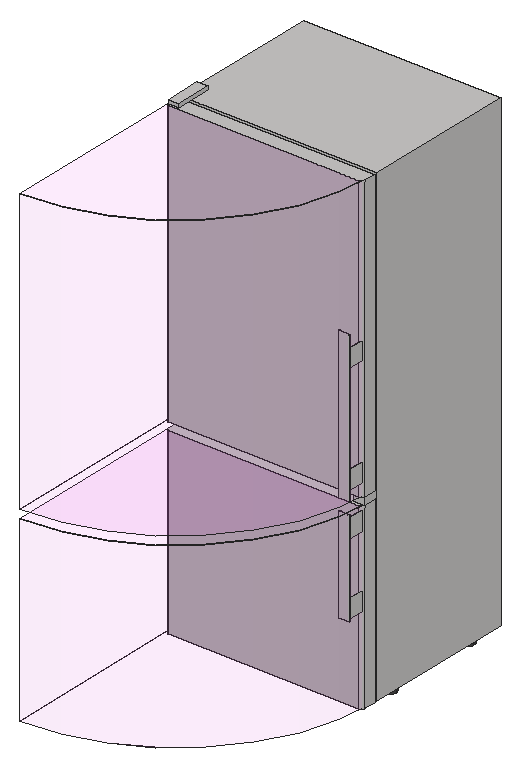
Revit family "QF_Summit_FFBF284SSIM_Freezer_Refrigerator", category Specialty Equipment, Revit 2020
Family settings
  Round Connector Dimension = Use Diameter
  Part Type = Normal
  Work Plane-Based = No
  Always vertical = Yes
  Cut with Voids When Loaded = No
  Shared = No
  Room Calculation Point = No
Parameters
  Weight in Pounds = 200
  Watts = Volts * FL Amps  # 230 W
  Volts = 115 V
  URL Cutsheet = ""
  Specification by User = ""
  Specification by Manufacturer = ""
  Show RHD [instance] = not(Show LHD)  # yes
  Show LHD [instance] = no
  Show Clearance [instance] = yes
  Serial Number = ""
  Seismic Rating = ""
  SMACNA No = ""
  Revision Code = ""
  Refrigerant Volume = 0.00 kip
  Refrigerant Type = "R600a"
  Phase = 1
  Number of Poles = 1
  NAFEM Spec ID Number = ""
  Model = "FFBF284SSIM"
  Min Ckt Ampacity = 0 A
  Max Overcurrent Protection = 0 A
  Masterspec = ""
  Manufacturer = "Summit"
  Length = 27.63"
  Item Number = ""
  Installed By = ""
  Identify Quantity as Lot = yes
  Height = 67 3/4"
  HP = ""
  Furnished By = ""
  Foodservice Equipment Identifier = yes
  FL Amps = 2 A
  Electrical Remarks = ""
  Electric Connection Type = ""
  Elec Conn RI Height = 0"
  Elec Conn Connection Height = 0"
  Description = "Freezer Refrigerator"
  Depth = 26 1/4"
  Default Elevation = 0"
  Cycle = 60 Hz
  Conn Plug = ""
  Conn Conduit = yes
  CSI MasterFormat = ""
  BTUH = 0.0 Btu/h
  Apparent Power = 0 VA
Reference planes (in)
  plane 1 "BACK": y = 0
  plane 2: z = 0
  plane 3 "LEFT": x = 0
  plane 4 "RIGHT": x = 27.63
  plane 5 "FRONT": y = -26.25
  plane 6 "TOP": z = 67.75
  plane 7 "Center Y": x = 13.815
  plane 8 "Center X": y = -13.125
Dimensions and locks (in)
  equal spacing: plane 3 "LEFT", plane 7 "Center Y", plane 4 "RIGHT"
  "Length": plane 3 "LEFT" to plane 4 "RIGHT"
  equal spacing: plane 5 "FRONT", plane 8 "Center X", plane 1 "BACK"
  "Depth": plane 5 "FRONT" to plane 1 "BACK"
  "Height": plane 6 "TOP" to level
  aligned and locked: level to plane 2
Nested families (in)
  nested 1: "FFBF284SSIM" at (0, 0, 0), Show Clearance <- "Show Clearance", Show RHD <- "Show RHD", Show LHD <- "Show LHD", type "FFBF284SSIM"
    with Show RHD yes, Show LHD no, Show Clearance yes
Connectors (in)
  electrical at (19.75651, -1.66287, 2.32866), driven by "Volts", driven by "Watts"
    settings: on nested 1, index 1, voltage 115 V, apparent load 230 VA, apparent load phase1 0 VA, apparent load phase2 0 VA, apparent load phase3 0 VA, power factor 1, load classification "Other", number of poles 1, system type 30, power factor state 1, is connector primary yes, connector utility no, sub classification motor no, connector description "ELECTRICAL CONNECTION"
Definition of nested family "FFBF284SSIM"
  Parameters (values of type "FFBF284SSIM")
    Weight in Pounds = 0
    URL Cutsheet = ""
    Specification by User = ""
    Specification by Manufacturer = ""
    Show RHD [instance] = yes
    Show LHD [instance] = yes
    Show Clearance [instance] = yes
    Serial Number = ""
    Seismic Rating = ""
    SMACNA No = ""
    Revision Code = ""
    NAFEM Spec ID Number = ""
    Masterspec = ""
    Length = 27.63"
    Item Number = ""
    Installed By = ""
    Identify Quantity as Lot = yes
    Height = 67 3/4"
    Furnished By = ""
    Foodservice Equipment Identifier = yes
    Depth = 26 1/4"
    Default Elevation = 0"
    CSI MasterFormat = ""
  Reference planes (in)
    plane 1 "BACK": y = 0
    plane 2: z = 0
    plane 3 "LEFT": x = 0
    plane 4 "RIGHT": x = 27.63
    plane 5 "FRONT": y = -26.25
    plane 6 "TOP": z = 67.75
    plane 7 "Center Y": x = 13.815
    plane 8 "Center X": y = -13.125
    plane 9: z = 0.875
    plane 10: z = 27.5
    plane 11: z = 67.25
    plane 12: z = 26.375
    plane 13: y = -51.375
  Forms (in)
    Extrusion 1, solid
      sketch origin (-4.79284, -180, 0.875) x (-1, 0, 0) y (0, -1, 0)
        loop
          line (-4.79284, -178.30588) -> (-4.79284, -156.68088) -> (-32.42284, -156.68088) -> (-32.42284, -178.30588) -> (-4.79284, -178.30588)
      from 0 to 66.375
    Extrusion 2, solid
      sketch origin (-240, 25.61196, 29.00218) x (0, 1, 0) y (-1, 0, 0)
        loop
          line (-27.30608, -240) -> (-27.30608, -267.63) -> (-26.30608, -265.89795) -> (-26.30608, -241.73205) -> (-27.30608, -240)
      from 0 to 10
    Extrusion 3, solid
      sketch origin (23.09386, -180.04277, 67.80928) x (0, -1, 0) y (-1, 0, 0)
        loop
          line (-156.29277, 23.09386) -> (-156.29277, -4.53614) -> (-154.65436, -4.53614)
          arc (-154.65436, -4.53614) -> (-154.31054, -4.39917) -> (-154.1551, -4.06328) r 0.5
          arc (-154.1551, -4.06328) -> (-153.79277, 9.27886) -> (-154.1551, 22.62099) r 245.83174
          arc (-154.1551, 22.62099) -> (-154.31054, 22.95688) -> (-154.65436, 23.09386) r 0.5
          line (-154.65436, 23.09386) -> (-156.29277, 23.09386)
      from 0.55928 to 40.30928
    Extrusion 4, solid
      sketch origin (-4.79284, -180.04277, 26.375) x (-1, 0, 0) y (0, -1, 0)
        loop
          line (-4.79284, -156.29277) -> (-4.79284, -154.65109)
          arc (-4.79284, -154.65109) -> (-4.92991, -154.30718) -> (-5.26595, -154.15181) r 0.5
          arc (-5.26595, -154.15181) -> (-18.60784, -153.79277) -> (-31.94973, -154.15181) r 248.06708
          arc (-31.94973, -154.15181) -> (-32.28578, -154.30718) -> (-32.42284, -154.65109) r 0.5
          line (-32.42284, -154.65109) -> (-32.42284, -156.29277) -> (-4.79284, -156.29277)
      from 0 to -25.5
    Extrusion 5, solid, visible <- "Show LHD"
      sketch origin (23.09386, -180, 67.25) x (0, -1, 0) y (1, 0, 0)
        loop
          line (-159.51147, 2.98534) -> (-154.56912, 2.98534) -> (-154.56912, 4.48534) -> (-159.51147, 4.48534) -> (-159.51147, 2.98534)
      from 0 to 0.5
    Extrusion 6, solid
      sketch origin (23.09386, -180.04277, 27.5) x (1, 0, 0) y (0, -1, 0)
        loop
          line (2.98534, -159.62336) -> (4.48534, -159.62336) -> (4.48534, -154.61189) -> (2.98534, -154.61189) -> (2.98534, -159.62336)
      from 0 to 1.125
    Extrusion 7, solid
      sketch origin (-4.79284, -180.04277, 0.875) x (0, -1, 0) y (-1, 0, 0)
        loop
          line (-156.72365, -4.9982) -> (-156.72365, -32.24611) -> (-156.29277, -32.24611) -> (-156.29277, -4.9982) -> (-156.72365, -4.9982)
      from -27.33816 to -65.977
    Extrusion 8, solid
      sketch origin (23.09386, -180.04277, 27.5) x (1, 0, 0) y (0, -1, 0)
        loop
          line (-22.8885, -156.72365) -> (4.35941, -156.72365) -> (4.35941, -156.29277) -> (-22.8885, -156.29277) -> (-22.8885, -156.72365)
      from 26.01558 to 1.65424
    Extrusion 9, solid
      sketch origin (0, 0, 0) x (1, 0, 0) y (0, 1, 0)
        loop
          line (17.60219, 0) -> (17.60219, -0.69412) -> (22.1767, -0.69412) -> (22.1767, 0) -> (17.60219, 0)
      from 31.17781 to 36.47229
    Extrusion 10, solid
      sketch origin (0, -1.69412, 0.875) x (1, 0, 0) y (0, 0, -1)
        loop
          circle (19.75651, -1.45366) r 0.25
      from 0 to 0.03125
    Extrusion 11, solid, visible <- "Show LHD"
      sketch origin (-4.79284, -180.04277, 0.875) x (0, -1, 0) y (-1, 0, 0)
        loop
          line (-156.29277, -32.42284) -> (-128.66277, -32.42284)
          arc (-128.66277, -32.42284) -> (-136.75541, -12.88548) -> (-156.29277, -4.79284) r 27.63
          line (-156.29277, -4.79284) -> (-156.29277, -32.42284)
      from 0 to -25.5
    Extrusion 12, solid, visible <- "Show LHD"
      sketch origin (23.09386, -180.04277, 27.5) x (1, 0, 0) y (0, -1, 0)
        loop
          line (4.53614, -156.29277) -> (4.53614, -128.66277)
          arc (4.53614, -128.66277) -> (-15.00122, -136.75541) -> (-23.09386, -156.29277) r 27.63
          line (-23.09386, -156.29277) -> (4.53614, -156.29277)
      from 0 to -39.75
    Revolve 13, solid
      sketch origin (-240, -19.31912, 7.54756) x (0, 0, 1) y (-1, 0, 0)
        loop
          line (-6.67256, -241.3125) -> (-7.54756, -241.3125) -> (-7.54756, -242.1328) -> (-6.8733, -242.1328) -> (-6.8733, -241.74917) -> (-6.67256, -241.74917) -> (-6.67256, -241.3125)
        axis (-6.67256, -241.3125) -> (-7.54756, -241.3125)
      angle from 0 to 360
    Revolve 14, solid
      sketch origin (-240, -19.31912, 7.54756) x (0, 0, 1) y (-1, 0, 0)
        loop
          line (-6.67256, -266.3175) -> (-6.67256, -265.88083) -> (-6.8733, -265.88083) -> (-6.8733, -265.4972) -> (-7.54756, -265.4972) -> (-7.54756, -266.3175) -> (-6.67256, -266.3175)
        axis (-6.67256, -266.3175) -> (-7.54756, -266.3175)
      angle from 0 to 360
    Revolve 15, solid
      sketch origin (-240, -5.69412, 7.54756) x (0, 0, 1) y (-1, 0, 0)
        loop
          line (-6.67256, -241.3125) -> (-7.54756, -241.3125) -> (-7.54756, -242.1328) -> (-6.8733, -242.1328) -> (-6.8733, -241.74917) -> (-6.67256, -241.74917) -> (-6.67256, -241.3125)
        axis (-6.67256, -241.3125) -> (-7.54756, -241.3125)
      angle from 0 to 360
    Revolve 16, solid
      sketch origin (-240, -5.69412, 7.54756) x (0, 0, 1) y (-1, 0, 0)
        loop
          line (-6.67256, -266.3175) -> (-6.67256, -265.88083) -> (-6.8733, -265.88083) -> (-6.8733, -265.4972) -> (-7.54756, -265.4972) -> (-7.54756, -266.3175) -> (-6.67256, -266.3175)
        axis (-6.67256, -266.3175) -> (-7.54756, -266.3175)
      angle from 0 to 360
    Extrusion 17, void
      sketch origin (0, 0, 0) x (1, 0, 0) y (0, 1, 0)
        loop
          line (0, -24.3004) -> (0, -25.0504) -> (1.30679, -25.0504)
          arc (1.30679, -25.0504) -> (1.68179, -24.6754) -> (1.30679, -24.3004) r 0.375
          line (1.30679, -24.3004) -> (0, -24.3004)
      from 13.11935 to 25.04617
    Extrusion 18, solid, visible <- "Show LHD"
      sketch origin (-0.375, 0, 0) x (1, 0, 0) y (0, 1, 0)
        loop
          line (0.52265, -25.34709) -> (0.52265, -27.84709) -> (2.11142, -27.84709) -> (2.11142, -27.77325) -> (0.58157, -27.77325) -> (0.58157, -25.34709) -> (0.52265, -25.34709)
      from 23.19985 to 25.84576
    Extrusion 19, solid, visible <- "Show LHD"
      sketch origin (-0.375, 0, 0) x (1, 0, 0) y (0, 1, 0)
        loop
          line (0.52265, -25.34709) -> (0.52265, -27.84709) -> (2.11142, -27.84709) -> (2.11142, -27.77325) -> (0.58157, -27.77325) -> (0.58157, -25.34709) -> (0.52265, -25.34709)
      from 13.11935 to 15.71519
    Extrusion 20, solid, visible <- "Show LHD"
      sketch origin (-0.81166, -180, 20.92531) x (-1, 0, 0) y (0, -1, 0)
        loop
          line (-0.95931, -154.65291) -> (-0.95931, -152.15291) -> (-2.54809, -152.15291) -> (-2.54809, -152.22675) -> (-1.01824, -152.22675) -> (-1.01824, -154.65291) -> (-0.95931, -154.65291)
      from 23.81571 to 26.23213
    Extrusion 21, solid, visible <- "Show LHD"
      sketch origin (-0.81166, -180, 16.17531) x (-1, 0, 0) y (0, -1, 0)
        loop
          line (-0.95931, -154.65291) -> (-0.95931, -152.15291) -> (-2.54809, -152.15291) -> (-2.54809, -152.22675) -> (-1.01824, -152.22675) -> (-1.01824, -154.65291) -> (-0.95931, -154.65291)
      from 13.11935 to 15.71519
    Extrusion 22, solid, visible <- "Show LHD"
      sketch origin (-0.375, 0, 25.84576) x (1, 0, 0) y (0, 1, 0)
        loop
          line (0.52265, -27.84709) -> (0.52265, -27.90959) -> (2.11142, -27.90959) -> (2.11142, -27.84709) -> (0.52265, -27.84709)
      from 0.34671 to -13.11278
    Extrusion 23, solid, visible <- "Show LHD"
      sketch origin (-0.81166, -180, 31.8905) x (-1, 0, 0) y (0, -1, 0)
        loop
          line (-0.95931, -152.15291) -> (-0.95931, -152.09041) -> (-2.54809, -152.09041) -> (-2.54809, -152.15291) -> (-0.95931, -152.15291)
      from -4.0552 to 16.98943
    Extrusion 24, void
      sketch origin (23.09386, -180.04277, 27.5) x (1, 0, 0) y (0, -1, 0)
        loop
          line (-23.09386, -155.74237) -> (-21.78706, -155.74237)
          arc (-21.78706, -155.74237) -> (-21.41206, -155.36737) -> (-21.78706, -154.99237) r 0.375
          line (-21.78706, -154.99237) -> (-23.09386, -154.99237) -> (-23.09386, -155.74237)
      from -1.36785 to -19.65744
    Extrusion 25, solid, visible <- "Show RHD"
      sketch origin (4.53614, -180, 67.25) x (0, -1, 0) y (1, 0, 0)
        loop
          line (-159.51147, -2.98534) -> (-159.51147, -4.48534) -> (-154.56912, -4.48534) -> (-154.56912, -2.98534) -> (-159.51147, -2.98534)
      from 0 to 0.5
    Extrusion 26, solid, visible <- "Show RHD"
      sketch origin (32.42284, -180.04277, 0.875) x (0, 1, 0) y (1, 0, 0)
        loop
          line (156.29277, -32.42284) -> (156.29277, -4.79284)
          arc (156.29277, -4.79284) -> (136.75541, -12.88548) -> (128.66277, -32.42284) r 27.63
          line (128.66277, -32.42284) -> (156.29277, -32.42284)
      from 0 to -25.5
    Extrusion 27, solid, visible <- "Show RHD"
      sketch origin (4.53614, -180.04277, 27.5) x (1, 0, 0) y (0, -1, 0)
        loop
          line (-4.53614, -156.29277) -> (23.09386, -156.29277)
          arc (23.09386, -156.29277) -> (15.00122, -136.75541) -> (-4.53614, -128.66277) r 27.63
          line (-4.53614, -128.66277) -> (-4.53614, -156.29277)
      from 0 to -39.75
    Extrusion 28, solid, visible <- "Show RHD"
      sketch origin (28.005, 0, 0) x (-1, 0, 0) y (0, -1, 0)
        loop
          line (0.52265, 25.34709) -> (0.58157, 25.34709) -> (0.58157, 27.77325) -> (2.11142, 27.77325) -> (2.11142, 27.84709) -> (0.52265, 27.84709) -> (0.52265, 25.34709)
      from 23.19985 to 25.84576
    Extrusion 29, solid, visible <- "Show RHD"
      sketch origin (28.005, 0, 0) x (-1, 0, 0) y (0, -1, 0)
        loop
          line (0.52265, 25.34709) -> (0.58157, 25.34709) -> (0.58157, 27.77325) -> (2.11142, 27.77325) -> (2.11142, 27.84709) -> (0.52265, 27.84709) -> (0.52265, 25.34709)
      from 13.11935 to 15.71519
    Extrusion 30, solid, visible <- "Show RHD"
      sketch origin (28.44166, -180, 20.92531) x (1, 0, 0) y (0, 1, 0)
        loop
          line (-0.95931, 154.65291) -> (-1.01824, 154.65291) -> (-1.01824, 152.22675) -> (-2.54809, 152.22675) -> (-2.54809, 152.15291) -> (-0.95931, 152.15291) -> (-0.95931, 154.65291)
      from 23.81571 to 26.23213
    Extrusion 31, solid, visible <- "Show RHD"
      sketch origin (28.44166, -180, 16.17531) x (1, 0, 0) y (0, 1, 0)
        loop
          line (-0.95931, 154.65291) -> (-1.01824, 154.65291) -> (-1.01824, 152.22675) -> (-2.54809, 152.22675) -> (-2.54809, 152.15291) -> (-0.95931, 152.15291) -> (-0.95931, 154.65291)
      from 13.11935 to 15.71519
    Extrusion 32, solid, visible <- "Show RHD"
      sketch origin (28.005, 0, 25.84576) x (-1, 0, 0) y (0, -1, 0)
        loop
          line (0.52265, 27.84709) -> (2.11142, 27.84709) -> (2.11142, 27.90959) -> (0.52265, 27.90959) -> (0.52265, 27.84709)
      from 0.34671 to -13.11278
    Extrusion 33, solid, visible <- "Show RHD"
      sketch origin (28.44166, -180, 31.8905) x (1, 0, 0) y (0, 1, 0)
        loop
          line (-0.95931, 152.15291) -> (-2.54809, 152.15291) -> (-2.54809, 152.09041) -> (-0.95931, 152.09041) -> (-0.95931, 152.15291)
      from -4.0552 to 16.98943
  Cuts and joins
    joined: Extrusion 1, Extrusion 6
    Extrusion 17 cuts Extrusion 4
    Extrusion 24 cuts Extrusion 3
  Lines and regions (in)
    symbolic lines, visible <- "Show LHD"
      curve 1: line (0, -23.31912, 0) -> (26.0792, -23.31912, 0)
      curve 17: line (26.0792, -20.48853, 0) -> (26.0792, -25.43088, 0)
      curve 18: line (26.0792, -25.43088, 0) -> (27.5792, -25.43088, 0)
      curve 19: line (27.5792, -25.43088, 0) -> (27.5792, -20.48853, 0)
      curve 20: line (27.5792, -20.48853, 0) -> (26.0792, -20.48853, 0)
      curve 22: line (26.0792, -23.75, 0) -> (0, -23.75, 0)
      curve 23: line (0.20536, -23.31912, 0) -> (0.20536, -23.75, 0)
      curve 24: line (0.20657, -27.77325, 0) -> (0.20657, -25.79326, 0)
      curve 25: line (0.14765, -25.74316, 0) -> (0.14765, -27.90959, 0)
      curve 26: line (1.73642, -27.77325, 0) -> (0.20657, -27.77325, 0)
      curve 27: line (1.73642, -27.84709, 0) -> (0.14765, -27.84709, 0)
      curve 28: line (0.14765, -27.90959, 0) -> (1.73642, -27.90959, 0)
      curve 29: line (1.73642, -27.90959, 0) -> (1.73642, -27.77325, 0)
      curve 30: arc (3.70172, -37.565, 0) -> (0.94147, -30.90117, 0) -> (0, -23.75, 0) r 27.63
      curve 31: line (27.63, -23.75, 0) -> (3.70172, -37.565, 0)
      curve 32: line (27.63, -23.31912, 0) -> (1.5508, -23.31912, 0)
      curve 33: line (1.5508, -23.75, 0) -> (27.63, -23.75, 0)
      curve 34: line (27.42464, -23.31912, 0) -> (27.42464, -23.75, 0)
    symbolic lines
      curve 2: line (0, -1.69412, 0) -> (0, -23.31912, 0)
      curve 3: line (27.63, -23.31912, 0) -> (27.63, -1.69412, 0)
      curve 4: line (27.63, -1.69412, 0) -> (0, -1.69412, 0)
      curve 5: line (1.73205, -0.69412, 0) -> (0, -1.69412, 0)
      curve 6: line (25.89795, -0.69412, 0) -> (1.73205, -0.69412, 0)
      curve 7: line (27.63, -1.69412, 0) -> (25.89795, -0.69412, 0)
      curve 8: line (22.1767, 0, 0) -> (17.60219, 0, 0)
      curve 9: line (22.1767, -0.69412, 0) -> (22.1767, 0, 0)
      curve 10: line (17.60219, 0, 0) -> (17.60219, -0.69412, 0)
      curve 11: line (27.63, -23.75, 0) -> (27.5792, -23.75, 0)
      curve 12: line (0, -23.75, 0) -> (0, -25.38841, 0)
      curve 13: arc (0.47286, -25.88767, 0) -> (0.13698, -25.73223, 0) -> (0, -25.38841, 0) r 0.5
      curve 14: arc (27.09985, -25.89078, 0) -> (13.78631, -26.25, 0) -> (0.47286, -25.88767, 0) r 245.83174
      curve 15: arc (27.63, -25.39169, 0) -> (27.47273, -25.75575, 0) -> (27.09985, -25.89078, 0) r 0.5
      curve 16: line (27.63, -25.39169, 0) -> (27.63, -23.75, 0)
      curve 21: line (27.5792, -23.31912, 0) -> (27.63, -23.31912, 0)
    symbolic lines, visible <- "Show RHD"
      curve 35: line (1.5508, -20.48853, 0) -> (1.5508, -25.43088, 0)
      curve 36: line (1.5508, -25.43088, 0) -> (0.0508, -25.43088, 0)
      curve 37: line (0.0508, -25.43088, 0) -> (0.0508, -20.48853, 0)
      curve 38: line (0.0508, -20.48853, 0) -> (1.5508, -20.48853, 0)
      curve 39: arc (23.92828, -37.565, 0) -> (26.68853, -30.90117, 0) -> (27.63, -23.75, 0) r 27.63
      curve 40: line (0, -23.75, 0) -> (23.92828, -37.565, 0)
      curve 41: line (27.42343, -27.77325, 0) -> (27.42343, -25.79654, 0)
      curve 42: line (27.48235, -25.74644, 0) -> (27.48235, -27.90959, 0)
      curve 43: line (25.89358, -27.77325, 0) -> (27.42343, -27.77325, 0)
      curve 44: line (25.89358, -27.84709, 0) -> (27.48235, -27.84709, 0)
      curve 45: line (27.48235, -27.90959, 0) -> (25.89358, -27.90959, 0)
      curve 46: line (25.89358, -27.90959, 0) -> (25.89358, -27.77325, 0)
  Dimensions and locks (in)
    equal spacing: plane 3 "LEFT", plane 7 "Center Y", plane 4 "RIGHT"
    "Length": plane 3 "LEFT" to plane 4 "RIGHT"
    equal spacing: plane 5 "FRONT", plane 8 "Center X", plane 1 "BACK"
    "Depth": plane 5 "FRONT" to plane 1 "BACK"
    "Height": plane 6 "TOP" to level
    plane 6 "TOP" to Extrusion 3 = 1/2"
    plane 11 to plane 10 = 39 3/4"
    Extrusion 3 to plane 9 = 66 3/8"
    plane 12 to plane 9 = 25 1/2"
    plane 1 "BACK" to plane 13 = 51 3/8"
    aligned and locked: level to plane 2
  Automatic sketch dimensions
    Extrusion 1 sketch curve to plane 4 "RIGHT" = 0"
    Extrusion 1 sketch curve to plane 3 "LEFT" = 0"
    plane 1 "BACK" to Extrusion 1 sketch curve = 1.69412"
    Extrusion 1 sketch curve to plane 5 "FRONT" = 2.93088"
    Extrusion 2 sketch curve to plane 3 "LEFT" = 0"
    Extrusion 2 sketch curve to plane 4 "RIGHT" = 0"
    plane 1 "BACK" to Extrusion 2 sketch curve = 1.69412"
    plane 1 "BACK" to Extrusion 2 sketch curve = 0.69412"
    plane 4 "RIGHT" to Extrusion 2 sketch curve = 1.73205"
    plane 3 "LEFT" to Extrusion 2 sketch curve = 1.73205"
    Extrusion 3 sketch curve to plane 7 "Center Y" = 0"
    Extrusion 3 sketch curve to plane 4 "RIGHT" = 0"
    Extrusion 3 sketch curve to plane 3 "LEFT" = 0"
    Extrusion 3 sketch curve to plane 1 "BACK" = 219.58174"
    Extrusion 3 sketch curve to plane 5 "FRONT" = 2 1/2"
    Extrusion 3 sketch curve to plane 5 "FRONT" = 0.86159"  (x2)
    Extrusion 3 sketch curve to Extrusion 3 sketch curve = 1/2"
    plane 4 "RIGHT" to Extrusion 3 sketch curve = 1/2"
    Extrusion 3 sketch curve to Extrusion 3 sketch curve = 0"
    Extrusion 4 sketch curve to plane 4 "RIGHT" = 0"
    Extrusion 4 sketch curve to plane 7 "Center Y" = 0"
    Extrusion 4 sketch curve to plane 3 "LEFT" = 0"
    Extrusion 4 sketch curve to Extrusion 4 sketch curve = 1/2"
    plane 3 "LEFT" to Extrusion 4 sketch curve = 1/2"
    Extrusion 4 sketch curve to plane 1 "BACK" = 221.81708"
    Extrusion 4 sketch curve to plane 5 "FRONT" = 2 1/2"
    Extrusion 4 sketch curve to plane 5 "FRONT" = 0.85832"  (x2)
    Extrusion 4 sketch curve to Extrusion 4 sketch curve = 0"
    plane 4 "RIGHT" to Extrusion 5 sketch curve = 13/256"
    Extrusion 5 sketch curve to plane 5 "FRONT" = 5.76147"
    Extrusion 5 sketch curve to plane 5 "FRONT" = 0.81912"
    Extrusion 5 sketch curve to Extrusion 5 sketch curve = 1 1/2"
    Extrusion 3 to Extrusion 6 sketch curve = 1 141/256"
    Extrusion 3 to Extrusion 6 sketch curve = 13/256"
    Extrusion 3 to Extrusion 6 sketch curve = 1.68088"
    Extrusion 6 sketch curve to Extrusion 3 = 3.3306"
    Extrusion 4 to Extrusion 7 sketch curve = 0"
    Extrusion 4 to Extrusion 7 sketch curve = 0.20536"
    Extrusion 7 sketch curve to Extrusion 4 = 0.43088"
    Extrusion 4 to Extrusion 7 sketch curve = 0.17674"
    Extrusion 3 to Extrusion 8 sketch curve = 0"
    Extrusion 3 to Extrusion 8 sketch curve = 0.20536"
    Extrusion 3 to Extrusion 8 sketch curve = 0.17674"
    Extrusion 8 sketch curve to Extrusion 3 = 0.43088"
    plane 1 "BACK" to Extrusion 9 sketch curve = 0"
    plane 1 "BACK" to Extrusion 9 sketch curve = 0.69412"
    plane 7 "Center Y" to Extrusion 9 sketch curve = 3.78719"
    Extrusion 9 sketch curve to Extrusion 9 sketch curve = 4.57451"
    Extrusion 1 to Extrusion 10 sketch curve = 1.45366"
    Extrusion 10 sketch curve to Extrusion 1 = 7.87349"
    Extrusion 11 sketch curve to Extrusion 4 = 0"  (x3)
    Extrusion 12 sketch curve to Extrusion 3 = 0"  (x3)
    Revolve 13 sketch curve to level = 0"
    Revolve 13 sketch curve to plane 9 = 0"  (x2)
    Revolve 13 sketch curve to plane 9 = 0.20074"
    plane 3 "LEFT" to Revolve 13 sketch curve = 2 17/128"
    Revolve 13 sketch curve to Revolve 13 sketch curve = 0.38363"
    Revolve 13 sketch curve to Revolve 13 sketch curve = 0.43667"
    Revolve 13 sketch curve to Revolve 13 sketch curve = 1/4"
    Revolve 13 sketch curve to Revolve 13 sketch curve = 0"
    Revolve 14 sketch curve to level = 0"
    Revolve 14 sketch curve to plane 9 = 0"  (x2)
    Revolve 14 sketch curve to plane 9 = 0.20074"
    plane 4 "RIGHT" to Revolve 14 sketch curve = 1 5/16"
    Revolve 14 sketch curve to Revolve 14 sketch curve = 0.43667"
    Revolve 14 sketch curve to Revolve 14 sketch curve = 0.38363"
    Revolve 14 sketch curve to plane 9 = 1/4"
    Revolve 14 sketch curve to Revolve 14 sketch curve = 0"
    Revolve 15 sketch curve to level = 0"
    Revolve 15 sketch curve to plane 9 = 0"  (x2)
    Revolve 15 sketch curve to plane 9 = 0.20074"
    plane 3 "LEFT" to Revolve 15 sketch curve = 2 17/128"
    Revolve 15 sketch curve to Revolve 15 sketch curve = 0.38363"
    Revolve 15 sketch curve to Revolve 15 sketch curve = 0.43667"
    Revolve 15 sketch curve to plane 9 = 1/4"
    Revolve 15 sketch curve to Revolve 15 sketch curve = 0"
    Revolve 16 sketch curve to level = 0"
    Revolve 16 sketch curve to plane 9 = 0"  (x2)
    Revolve 16 sketch curve to plane 9 = 0.20074"
    plane 4 "RIGHT" to Revolve 16 sketch curve = 1 5/16"
    Revolve 16 sketch curve to Revolve 16 sketch curve = 0.43667"
    Revolve 16 sketch curve to Revolve 16 sketch curve = 0.38363"
    Revolve 16 sketch curve to plane 9 = 1/4"
    Revolve 16 sketch curve to Revolve 16 sketch curve = 0"
    Extrusion 17 sketch curve to plane 3 "LEFT" = 0"
    plane 3 "LEFT" to Extrusion 17 sketch curve = 1.30679"
    Extrusion 17 sketch curve to plane 5 "FRONT" = 1.1996"
    Extrusion 17 sketch curve to Extrusion 17 sketch curve = 3/8"
    plane 3 "LEFT" to Extrusion 18 sketch curve = 0.14765"
    Extrusion 18 sketch curve to Extrusion 18 sketch curve = 0.05892"
    Extrusion 18 sketch curve to Extrusion 18 sketch curve = 1.52985"
    plane 5 "FRONT" to Extrusion 18 sketch curve = 1.59709"
    Extrusion 18 sketch curve to Extrusion 18 sketch curve = 0.07384"
    Extrusion 18 sketch curve to plane 5 "FRONT" = 0.90291"
    plane 3 "LEFT" to Extrusion 19 sketch curve = 0.14765"
    Extrusion 19 sketch curve to Extrusion 19 sketch curve = 0.05892"
    Extrusion 19 sketch curve to Extrusion 19 sketch curve = 1.52985"
    plane 5 "FRONT" to Extrusion 19 sketch curve = 1.59709"
    Extrusion 19 sketch curve to Extrusion 19 sketch curve = 0.07384"
    Extrusion 19 sketch curve to plane 5 "FRONT" = 0.90291"
    plane 3 "LEFT" to Extrusion 20 sketch curve = 1.73642"
    plane 3 "LEFT" to Extrusion 20 sketch curve = 0.20657"
    Extrusion 20 sketch curve to Extrusion 20 sketch curve = 0.05892"
    Extrusion 20 sketch curve to plane 5 "FRONT" = 0.90291"
    plane 5 "FRONT" to Extrusion 20 sketch curve = 1.52325"
    Extrusion 20 sketch curve to Extrusion 20 sketch curve = 0.07384"
    plane 3 "LEFT" to Extrusion 21 sketch curve = 1.73642"
    plane 3 "LEFT" to Extrusion 21 sketch curve = 0.20657"
    Extrusion 21 sketch curve to Extrusion 21 sketch curve = 0.05892"
    Extrusion 21 sketch curve to plane 5 "FRONT" = 0.90291"
    plane 5 "FRONT" to Extrusion 21 sketch curve = 1.52325"
    Extrusion 21 sketch curve to Extrusion 21 sketch curve = 0.07384"
    Extrusion 22 sketch curve to Extrusion 18 = 0"  (x3)
    Extrusion 18 to Extrusion 22 sketch curve = 1/16"
    Extrusion 21 to Extrusion 23 sketch curve = 0"
    Extrusion 23 sketch curve to Extrusion 21 = 0"  (x2)
    Extrusion 21 to Extrusion 23 sketch curve = 1/16"
    Extrusion 24 sketch curve to Extrusion 3 = 0"
    Extrusion 24 sketch curve to Extrusion 24 sketch curve = 1.30679"
    Extrusion 3 to Extrusion 24 sketch curve = 1.3004"
    Extrusion 24 sketch curve to Extrusion 24 sketch curve = 3/8"
    plane 3 "LEFT" to Extrusion 25 sketch curve = 13/256"
    Extrusion 25 sketch curve to plane 5 "FRONT" = 5.76147"
    Extrusion 25 sketch curve to plane 5 "FRONT" = 0.81912"
    Extrusion 25 sketch curve to Extrusion 25 sketch curve = 1 1/2"
    Extrusion 26 sketch curve to Extrusion 4 = 0"  (x2)
    Extrusion 4 to Extrusion 26 sketch curve = 0"
    Extrusion 27 sketch curve to Extrusion 3 = 0"  (x2)
    Extrusion 3 to Extrusion 27 sketch curve = 0"
    Extrusion 28 sketch curve to plane 4 "RIGHT" = 0.14765"
    Extrusion 28 sketch curve to Extrusion 28 sketch curve = 0.05892"
    Extrusion 28 sketch curve to Extrusion 28 sketch curve = 1.52985"
    Extrusion 28 sketch curve to plane 5 "FRONT" = 1.59709"
    Extrusion 28 sketch curve to Extrusion 28 sketch curve = 0.07384"
    plane 5 "FRONT" to Extrusion 28 sketch curve = 0.90291"
    Extrusion 29 sketch curve to plane 4 "RIGHT" = 0.14765"
    Extrusion 29 sketch curve to Extrusion 29 sketch curve = 0.05892"
    Extrusion 29 sketch curve to Extrusion 29 sketch curve = 1.52985"
    Extrusion 29 sketch curve to plane 5 "FRONT" = 1.59709"
    Extrusion 29 sketch curve to Extrusion 29 sketch curve = 0.07384"
    plane 5 "FRONT" to Extrusion 29 sketch curve = 0.90291"
    plane 4 "RIGHT" to Extrusion 30 sketch curve = 1.73642"
    plane 4 "RIGHT" to Extrusion 30 sketch curve = 0.20657"
    Extrusion 30 sketch curve to Extrusion 30 sketch curve = 0.05892"
    plane 5 "FRONT" to Extrusion 30 sketch curve = 1.59709"
    Extrusion 30 sketch curve to Extrusion 30 sketch curve = 0.07384"
    Extrusion 30 sketch curve to plane 5 "FRONT" = 0.90291"
    plane 4 "RIGHT" to Extrusion 31 sketch curve = 1.73642"
    plane 4 "RIGHT" to Extrusion 31 sketch curve = 0.20657"
    Extrusion 31 sketch curve to Extrusion 31 sketch curve = 0.05892"
    plane 5 "FRONT" to Extrusion 31 sketch curve = 1.59709"
    Extrusion 31 sketch curve to Extrusion 31 sketch curve = 0.07384"
    Extrusion 31 sketch curve to plane 5 "FRONT" = 0.90291"
    Extrusion 32 sketch curve to Extrusion 28 = 0"  (x2)
    Extrusion 28 to Extrusion 32 sketch curve = 0"
    Extrusion 32 sketch curve to Extrusion 28 = 1/16"
    Extrusion 33 sketch curve to Extrusion 31 = 0"  (x2)
    Extrusion 31 to Extrusion 33 sketch curve = 0"
    Extrusion 33 sketch curve to Extrusion 33 sketch curve = 1/16"
    curve 1 to plane 3 "LEFT" = 0"
    curve 40 to plane 3 "LEFT" = 0"
    curve 39 to plane 3 "LEFT" = 0"
    curve 14 to plane 7 "Center Y" = 0"
    plane 1 "BACK" to curve 8 = 0"
    curve 30 to plane 4 "RIGHT" = 0"
    curve 21 to plane 4 "RIGHT" = 0"
    curve 39 to plane 4 "RIGHT" = 0"
    plane 3 "LEFT" to curve 38 = 13/256"
    plane 3 "LEFT" to curve 28 = 0.14765"
    curve 27 to curve 26 = 0.05892"
    curve 36 to curve 13 = 115/256"
    curve 13 to curve 36 = 1 13/256"
    plane 1 "BACK" to curve 5 = 0.69412"
    plane 3 "LEFT" to curve 5 = 1.73205"
    curve 24 to curve 26 = 1.52985"
    plane 3 "LEFT" to curve 31 = 3.70172"
    plane 7 "Center Y" to curve 8 = 3.78719"
    curve 8 to curve 8 = 4.57451"
    plane 4 "RIGHT" to curve 40 = 3.70172"
    plane 4 "RIGHT" to curve 43 = 1.73642"
    plane 4 "RIGHT" to curve 7 = 1.73205"
    plane 4 "RIGHT" to curve 17 = 1 141/256"
    plane 4 "RIGHT" to curve 15 = 1/2"
    plane 4 "RIGHT" to curve 43 = 0.20657"
    plane 4 "RIGHT" to curve 42 = 0.14765"
    plane 4 "RIGHT" to curve 20 = 13/256"
    plane 1 "BACK" to curve 4 = 1.69412"
    curve 17 to plane 5 "FRONT" = 5.76147"
    curve 38 to plane 5 "FRONT" = 5.76147"
    curve 1 to curve 37 = 2.8306"
    curve 1 to curve 3 = 0"
    curve 30 to curve 3 = 0.43088"
    curve 16 to curve 30 = 0"
    curve 13 to plane 5 "FRONT" = 0.86159"
    curve 15 to plane 5 "FRONT" = 0.85831"
    curve 36 to plane 5 "FRONT" = 0.81912"
    curve 19 to curve 15 = 0.03919"
    plane 5 "FRONT" to curve 29 = 1.52325"
    plane 5 "FRONT" to curve 46 = 1.52325"
    curve 46 to curve 43 = 0.13634"
    curve 28 to curve 26 = 0.13634"
    curve 14 to plane 1 "BACK" = 219.58174"
    curve 30 to curve 23 = 0.20536"
    curve 14 to curve 13 = 0"
    curve 34 to curve 21 = 0.15456"
    curve 28 to curve 27 = 1/16"
    curve 45 to curve 44 = 1/16"
    radius of Extrusion 10 sketch curve = 1/4"
